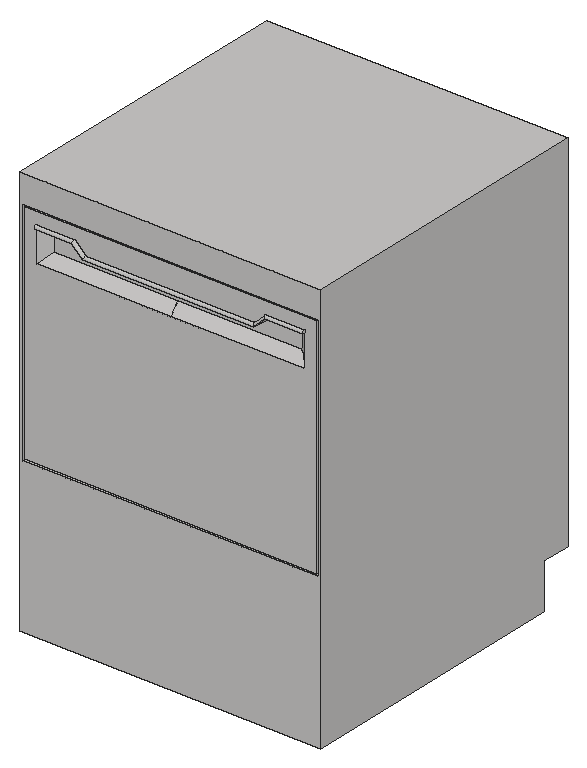
Revit family "QF_ELECTROLUXPROFESSIONAL_502722_EUCA060DD", category Specialty Equipment, Revit 2018
Family settings
  Round Connector Dimension = Use Diameter
  Part Type = Normal
  Work Plane-Based = No
  Always vertical = Yes
  Cut with Voids When Loaded = No
  Shared = No
  Room Calculation Point = No
Parameters
  Weight = 68.00 kg
  Watts = 0 W
  Volts = 0 V
  URL Manufacturer = ""
  URL = "http://professional.electrolux.com/"
  Steam Supply Size = 0 mm
  Steam Supply Minimum Pressure = 0.0 Pa
  Steam Supply Maximum Pressure = 0.0 Pa
  Steam Pounds per Hour = 0
  Show Logo [instance] = yes
  Show Clearance [instance] = yes
  Refrigeration Suction Line Size = 0 mm
  Refrigeration Liquid Line Size = 0 mm
  Refrigerant Compressor Remote = yes
  Manufacturer = ""
  Phase = 0
  Model = ""
  Length Actual = 600 mm  # constant formula
  Item Number = ""
  Hot Water Size = 0 mm
  Height Actual = 820 mm  # constant formula
  HP = "9.2 HP"
  Gas Size = 0 mm
  Gas KW = 0
  Gas Input Pressure = 0 W
  Direct Waste Size = 20.5 mm
  Description = ""
  Depth Actual = 615 mm  # constant formula
  Cycle = 0 Hz
  Condensate Return Size = 0 mm
  Compressed Air Volume = 0.0 L/s
  Compressed Air Size = 0 mm
  Compressed Air Pressure = 0.0 Pa
  Cold Water Size = 0 mm
  Accessory = yes
Types (2, lengths in mm): name | Volts | URL Manufacturer | URL | Manufacturer | Phase | Model | Item Number | Hot Water Size | Description | Cycle
  (no name) | 0 V | "" | "http://professional.electrolux.com/" | "" | 0 | "" | "" | 0 | "" | 0 Hz
  Standard | 400 V | "http://professional.electrolux.com" | "http://professional.electrolux.com" | "Electrolux Professional" | 3 | "EUCA060DD" | "502722" | 19.05 | "UNDERCOUNTER(L), WASH-SAFE, DOUBLE SKIN, 3PH, DP, 40B/H OR 480D/H, DIN, A0 60" | 50 Hz
Reference planes
  plane 1 "Center (Front/Back)": y = 0
  plane 2: z = 0
  plane 3 "Center (Left/Right)": x = 0
  plane 4 "LEFT": x = -300
  plane 5 "RIGHT": x = 300
  plane 6 "FRONT": y = -307.5
  plane 7 "BACK": y = 307.5
  plane 8: z = 830
  plane 9: z = 10
  plane 10: y = 268.5
Forms (mm)
  Extrusion 1, solid, material "QF_Finishes_Stainless Steel"
    sketch origin (0, 0, 0) x (1, 0, 0) y (0, 1, 0)
      loop
        line (-300, -307.5) -> (300, -307.5) -> (300, 249.5) -> (-300, 249.5) -> (-300, -307.5)
    from 10 to 830
  Extrusion 2, solid, material "QF_Finishes_Stainless Steel"
    sketch origin (0, 0, 0) x (1, 0, 0) y (0, 1, 0)
      loop
        line (-300, 249.5) -> (300, 249.5) -> (300, 307.5) -> (-300, 307.5) -> (-300, 249.5)
    from 100 to 830
  Extrusion 3, solid, material "QF_Finishes_Stainless Steel"
    sketch origin (0, 0, 0) x (1, 0, 0) y (0, 1, 0)
      loop
        circle (-254, 193.5) r 12.5
      loop
        circle (254, 193.5) r 12.5
      loop
        circle (-254, -237.5) r 12.5
      loop
        circle (254, -237.5) r 12.5
    from 0 to 10
  Extrusion 4, void
    sketch origin (-300, -307.5, 0) x (-1, 0, 0) y (0, 0, 1)
      loop
        line (-5, 773.217) -> (-595, 773.217) -> (-595, 315.188) -> (-5, 315.188) -> (-5, 773.217)
    from 0 to 30
  Extrusion 5, solid, material "QF_Finishes_Stainless Steel"
    sketch origin (-274, -411, 733) x (0, 0, -1) y (1, 0, 0)
      loop
        circle (693, 143) r 10
    from -660.5 to -718.5
  Extrusion 6, solid, material "QF_Door-Drawer Clearances", visible <- "Show Clearance", detail levels coarse
    sketch origin (-230, -282.5, 0) x (0, 1, 0) y (0, 0, -1)
      loop
        line (-25, -319.312) -> (-397, -319.312)
        arc (-397, -319.312) -> (-298.139, -616.581) -> (-25, -770) r 434.302
        line (-25, -770) -> (-25, -319.312)
    from 61.225 to -521.647
  Extrusion 7, solid, material "QF_Finishes_Stainless Steel"
    sketch origin (-331.481, -411, 703) x (0, 0, -1) y (1, 0, 0)
      loop
        circle (663, 252.481) r 8
    from -660.5 to -718.5
  Extrusion 8, solid, material "QF_Finishes_Stainless Steel"
    sketch origin (-230, -282.5, 0) x (0, 1, 0) y (0, 0, -1)
      loop
        line (-25, -319.312) -> (-25, -770) -> (0, -770) -> (0, -319.312) -> (-25, -319.312)
    from 61.225 to -521.647
  Extrusion 9, solid, material "QF_Finishes_Stainless Steel"
    sketch origin (-301, 942.75, 760.5) x (0, -1, 0) y (1, 0, 0)
      loop
        circle (663, 158) r 8
    from -660.5 to -670.5
  Blend 10, void
    base sketch origin (-230, -307.5, 770) x (0, 0, -1) y (1, 0, 0)
      loop
        line (93.563, -37.311) -> (93.563, 230) -> (93.563, 497.311) -> (28.563, 497.311) -> (28.563, 422.311) -> (49.776, 401.098) -> (49.776, 230) -> (49.776, 58.902) -> (28.563, 37.689) -> (28.563, -37.311) -> (93.563, -37.311)
    top sketch origin (-230, -307.5, 770) x (0, 0, -1) y (1, 0, 0)
      loop
        line (73.563, -17.311) -> (73.563, 230) -> (73.563, 477.311) -> (31.063, 477.311) -> (31.063, 422.311) -> (52.276, 401.098) -> (52.276, 58.902) -> (31.063, 37.689) -> (31.063, -17.311) -> (73.563, -17.311)
    from 0 to -19.433
  Sweep 11, solid, material "QF_Finishes_Stainless Steel"
    path origin (-230, -307.5, 770) x (0, 0, -1) y (1, 0, 0)
      loop
        line (28.563, -37.311) -> (28.563, 37.689) -> (49.776, 58.902) -> (49.776, 401.098) -> (28.563, 422.311) -> (28.563, 497.311)
    profile origin (-229.811, -307.5, 741.437) x (0, 0, 1) y (0, -1, 0)
      loop
        line (0, 0) -> (5, 0)
        arc (5, 0) -> (3.536, 3.536) -> (0, 5) r 5
        arc (0, 5) -> (-0.037, 0.962) -> (-0.394, -3.06) r 51.04
        line (-0.394, -3.06) -> (0, 0)
Cuts and joins
  Extrusion 4 cuts Extrusion 1
  joined: Extrusion 1, Extrusion 2
  Blend 10 cuts Extrusion 8
Lines and regions (mm)
  Split face 1
    outline origin (-300, -307.5, 830) x (0, 0, -1) y (1, 0, 0)
      loop
        line (56.783, 5) -> (56.783, 0)
      loop
        line (56.783, 595) -> (56.783, 600)
      loop
        line (37.034, 600) -> (37.034, 514.297)
        arc (37.034, 514.297) -> (37.64, 511.25) -> (39.366, 508.667) r 7.962
        line (39.366, 508.667) -> (44.289, 503.744)
        arc (44.289, 503.744) -> (46.135, 500.982) -> (46.783, 497.723) r 8.515
        line (46.783, 497.723) -> (46.783, 87.277)
        arc (46.783, 87.277) -> (46.135, 84.018) -> (44.289, 81.256) r 8.515
        line (44.289, 81.256) -> (39.366, 76.333)
        arc (39.366, 76.333) -> (37.64, 73.75) -> (37.034, 70.703) r 7.962
        line (37.034, 70.703) -> (37.034, 0)
  Split face 2
    outline origin (-300, -307.5, 830) x (0, 0, -1) y (1, 0, 0)
      loop
        line (13.15, 274.82) -> (37.034, 274.82) -> (37.034, 325.18) -> (13.15, 325.18) -> (13.15, 274.82)
  symbolic lines
    curve 1: line (-300, 307.5, 0) -> (300, 307.5, 0)
    curve 2: line (-300, -307.5, 0) -> (-300, 307.5, 0)
    curve 3: line (300, -307.5, 0) -> (-300, -307.5, 0)
    curve 4: line (300, 307.5, 0) -> (300, -307.5, 0)
  symbolic lines, style "QF_Door-Drawer Clearances"
    curve 5: line (-291.225, -679.5, 0) -> (291.647, -679.5, 0)
    curve 6: line (291.647, -679.5, 0) -> (291.647, -307.5, 0)
    curve 7: line (-291.225, -679.5, 0) -> (-291.225, -307.5, 0)
  symbolic lines, style "SpecialityEquipmentHiddenLines"
    curve 8: line (-300, 249.5, 0) -> (300, 249.5, 0)
Dimensions and locks
  equal spacing: plane 4 "LEFT", plane 3 "Center (Left/Right)", plane 5 "RIGHT"
  equal spacing: plane 7 "BACK", plane 1 "Center (Front/Back)", plane 6 "FRONT"
  plane 7 "BACK" to plane 6 "FRONT" = 615 mm
  plane 4 "LEFT" to plane 5 "RIGHT" = 600 mm
  locked: plane 9 to level at 10
  plane 4 "LEFT" to plane 3 "Center (Left/Right)" = 300 mm
  plane 8 to level = 830 mm  (x2)
  Extrusion 9 sketch curve to plane 4 "LEFT" = 157 mm
  level to Extrusion 5 sketch curve = 40 mm
  Extrusion 5 sketch curve to plane 4 "LEFT" = 169 mm
  Extrusion 7 sketch curve to plane 4 "LEFT" = 221 mm
  level to Extrusion 7 sketch curve = 40 mm
  Extrusion 3 to cut or joined group of Extrusion 1, Extrusion 2, Extrusion 4 = 114 mm
  Extrusion 3 to Extrusion 3 = 431 mm
  plane 6 "FRONT" to Extrusion 3 = 70 mm
  plane 1 "Center (Front/Back)" to plane 6 "FRONT" = 307.5 mm
  locked: plane 7 "BACK" to plane 10 at 39
  plane 7 "BACK" to curve 5 = 987 mm
  Extrusion 8 to cut or joined group of Extrusion 1, Extrusion 2, Extrusion 4 = 454.812 mm
  aligned and locked: level to plane 2
  aligned and locked: Extrusion 1 sketch curve to plane 6 "FRONT"
  aligned and locked: Extrusion 1 sketch curve to plane 4 "LEFT"
  aligned and locked: plane 5 "RIGHT" to Extrusion 1 sketch curve
  aligned and locked: Extrusion 1 to plane 9
  aligned and locked: Extrusion 2 sketch curve to Extrusion 1
  aligned and locked: plane 7 "BACK" to Extrusion 2 sketch curve
  aligned and locked: plane 5 "RIGHT" to Extrusion 2 sketch curve
  aligned and locked: plane 9 to Extrusion 3
Automatic sketch dimensions
  Extrusion 1 sketch curve to plane 10 = 19 mm
  Extrusion 2 sketch curve to plane 10 = 19 mm
  plane 4 "LEFT" to Extrusion 3 sketch curve = 46 mm  (x2)
  Extrusion 3 sketch curve to plane 5 "RIGHT" = 46 mm  (x2)
  plane 6 "FRONT" to Extrusion 3 sketch curve = 70 mm  (x2)
  Extrusion 3 sketch curve to plane 10 = 75 mm  (x2)
  Extrusion 4 sketch curve to Extrusion 1 = 5 mm  (x2)
  Extrusion 4 sketch curve to Extrusion 1 = 305.188 mm
  Extrusion 4 sketch curve to Extrusion 1 = 56.783 mm
  Extrusion 8 sketch curve to plane 6 "FRONT" = 0 mm
  Extrusion 8 sketch curve to Extrusion 8 sketch curve = 25 mm
  Extrusion 8 sketch curve to plane 8 = 60 mm
  plane 9 to Extrusion 8 sketch curve = 309.312 mm
  cut or joined group of Extrusion 1, Extrusion 2, Extrusion 4 to Split face 1 sketch curve = 0 mm  (x2)
  Split face 1 sketch curve to cut or joined group of Extrusion 1, Extrusion 2, Extrusion 4 = 0 mm  (x6)
  cut or joined group of Extrusion 1, Extrusion 2, Extrusion 4 to Split face 1 sketch curve = 10 mm
  Split face 1 sketch curve to Split face 1 sketch curve = 2.494 mm  (x2)
  Split face 1 sketch curve to Split face 1 sketch curve = 8.515 mm  (x2)
  cut or joined group of Extrusion 1, Extrusion 2, Extrusion 4 to Split face 1 sketch curve = 11.786 mm  (x2)
  Split face 1 sketch curve to Split face 1 sketch curve = 5.63 mm  (x2)
  Split face 1 sketch curve to Split face 1 sketch curve = 2.332 mm  (x2)
  Split face 1 sketch curve to cut or joined group of Extrusion 1, Extrusion 2, Extrusion 4 = 65.703 mm
  Split face 1 sketch curve to Split face 1 sketch curve = 4.923 mm  (x2)
  Split face 1 sketch curve to cut or joined group of Extrusion 1, Extrusion 2, Extrusion 4 = 97.277 mm
  Split face 2 sketch curve to cut or joined group of Extrusion 1, Extrusion 2, Extrusion 4 = 13.15 mm
  cut or joined group of Extrusion 1, Extrusion 2, Extrusion 4 to Split face 2 sketch curve = 19.749 mm
  Split face 2 sketch curve to cut or joined group of Extrusion 1, Extrusion 2, Extrusion 4 = 269.82 mm
  Split face 2 sketch curve to Split face 2 sketch curve = 50.359 mm
  curve 1 to plane 4 "LEFT" = 0 mm
  curve 7 to plane 6 "FRONT" = 0 mm
  curve 4 to plane 5 "RIGHT" = 0 mm
  curve 8 to plane 10 = 19 mm
  curve 2 to plane 7 "BACK" = 0 mm
  plane 4 "LEFT" to curve 5 = 8.775 mm
  curve 6 to plane 5 "RIGHT" = 8.353 mm
  Extrusion 6 sketch curve to plane 6 "FRONT" = 0 mm
  plane 6 "FRONT" to Extrusion 6 sketch curve = 61.803 mm
  plane 9 to Extrusion 6 sketch curve = 330.118 mm
  Extrusion 6 sketch curve to Extrusion 6 sketch curve = 20.806 mm
  Extrusion 6 sketch curve to plane 6 "FRONT" = 372 mm
  Blend 10 sketch curve to Extrusion 8 = 28.563 mm  (x2)
  Blend 10 sketch curve to Extrusion 8 = 49.776 mm
  Blend 10 sketch curve to Blend 10 sketch curve = 65 mm
  Extrusion 8 to Blend 10 sketch curve = 23.913 mm
  Blend 10 sketch curve to Blend 10 sketch curve = 75 mm  (x2)
  Blend 10 sketch curve to Blend 10 sketch curve = 21.213 mm  (x5)
  Blend 10 sketch curve to Blend 10 sketch curve = 171.098 mm  (x2)
  Blend 10 sketch curve to Blend 10 sketch curve = 0 mm
  Extrusion 8 to Blend 10 sketch curve = 120.549 mm
  Extrusion 8 to Blend 10 sketch curve = 99.335 mm
  Extrusion 8 to Blend 10 sketch curve = 43.913 mm
  Blend 10 sketch curve to Blend 10 sketch curve = 42.5 mm
  Extrusion 8 to Blend 10 sketch curve = 44.335 mm
  Blend 10 sketch curve to Blend 10 sketch curve = 55 mm  (x2)
  Blend 10 sketch curve to Extrusion 8 = 31.063 mm
  Extrusion 8 to Sweep 11 sketch curve = 98.913 mm
  Sweep 11 sketch curve to Sweep 11 sketch curve = 21.213 mm  (x4)
  Extrusion 8 to Sweep 11 sketch curve = 23.913 mm
  Sweep 11 sketch curve to Extrusion 8 = 28.563 mm
  Extrusion 8 to Sweep 11 sketch curve = 99.335 mm
  Extrusion 8 to Sweep 11 sketch curve = 24.335 mm
  profile plane to Sweep 11 sketch curve = 0 mm  (x2)
  Sweep 11 sketch curve to profile plane = 0 mm
  profile plane to Sweep 11 sketch curve = 3.452 mm
  Sweep 11 sketch curve to Sweep 11 sketch curve = 5 mm
  profile plane to Sweep 11 sketch curve = 0.394 mm
  Sweep 11 sketch curve to profile plane = 3.06 mm
  plane 10 to Extrusion 9 sketch curve = 11.25 mm
  radius of Extrusion 3 sketch curve = 12.5 mm  (x4)
  radius of Extrusion 5 sketch curve = 10 mm
  radius of Extrusion 7 sketch curve = 8 mm
  radius of Extrusion 9 sketch curve = 8 mm
Connectors
  piping at (-131, 307.5, 40), diameter 20
    settings: on Extrusion 5, index 1, connector inside diameter 609.6 mm, connector length 0 mm, flow factor 0, pipe flow 0.0 L/s, pressure drop 0.0 Pa, fitting loss kfactor 0, connector angle 0.00°, fixture units 0, engagement length 0 mm, angle of deflection 0.00°, flow configuration 1, flow direction 1, fitting loss method 0, system type 16, joint type 0, gender type 0, connector reference index -1, connector utility 0, adjustable connector no, is connector primary yes, connector description "Drain"
  piping at (-79, 307.5, 40), diameter 16
    settings: on Extrusion 7, index 3, connector inside diameter 609.6 mm, connector length 0 mm, flow factor 0, pipe flow 0.0 L/s, pressure drop 0.0 Pa, fitting loss kfactor 0, connector angle 0.00°, fixture units 0, engagement length 0 mm, angle of deflection 0.00°, flow configuration 1, flow direction 1, fitting loss method 0, system type 20, joint type 0, gender type 0, connector reference index -1, connector utility 0, adjustable connector no, is connector primary no, connector description "Cold Water Inlet"
  electrical at (-143, 279.75, 90), driven by "Volts"
    settings: on Extrusion 9, index 4, voltage 0 V, apparent load 0 VA, apparent load phase1 0 VA, apparent load phase2 0 VA, apparent load phase3 0 VA, power factor 1, load classification "Altro", number of poles 1, system type 31, power factor state 1, is connector primary yes, connector utility no, sub classification motor no, connector description "Electrical Connection"
